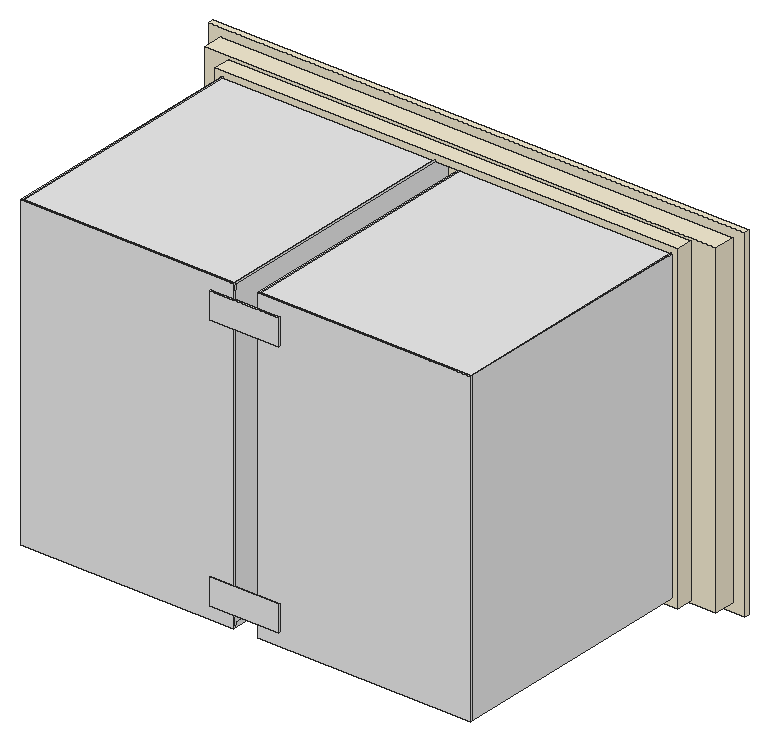
Revit family "Mailboxes_4C-Salsbury_Industries-Front_Load-5_Door_High_Units", category Specialty Equipment, host Wall, Revit 2016 (continued)
Definition of nested family "3700 Series 4C OM2 Configuration"
  Forms (in)
    Extrusion 4, solid, material <- "Lock Material", visible <- "Access Lock"
      sketch origin (0, 0.12695, 0) x (0, 0, -1) y (-1, 0, 0)
        loop
          circle (-1.61523, 4.3275) r 0.42913
      from 0 to -0.25391
    Extrusion 5, void, detail levels fine
      sketch origin (0, 0.12695, 3.4) x (-1, 0, 0) y (0, 0, 1)
        loop
          line (4.3568, -1.47517) -> (4.2982, -1.47517) -> (4.2982, -2.09436) -> (4.3568, -2.09436) -> (4.3568, -1.47517)
      from -0.12695 to -0.25391
    Blend 6, solid, material <- "Front Panel Material", detail levels medium+fine
      base sketch origin (0, -0.12695, 2.68123) x (-1, 0, 0) y (0, 0, 1)
        loop
          circle (5.7025, -0.40977) r 0.15665
      top sketch origin (0, -0.12695, 2.68123) x (-1, 0, 0) y (0, 0, 1)
        loop
          circle (5.7025, -0.40977) r 0.3125
      from -0.11328 to 0
    Blend 7, solid, material <- "Front Panel Material", detail levels medium+fine
      base sketch origin (1.3125, -0.12695, 2.68123) x (-1, 0, 0) y (0, 0, 1)
        loop
          circle (4.202, -0.40977) r 0.15665
      top sketch origin (1.3125, -0.12695, 2.68123) x (-1, 0, 0) y (0, 0, 1)
        loop
          circle (4.202, -0.40977) r 0.3125
      from -0.11328 to 0
    Blend 8, solid, material <- "Front Panel Material", detail levels medium+fine
      base sketch origin (0, -0.12695, 1.36923) x (-1, 0, 0) y (0, 0, 1)
        loop
          circle (5.7025, -0.40977) r 0.15665
      top sketch origin (0, -0.12695, 1.36923) x (-1, 0, 0) y (0, 0, 1)
        loop
          circle (5.7025, -0.40977) r 0.3125
      from -0.11328 to 0
    Blend 9, solid, material <- "Front Panel Material", detail levels medium+fine
      base sketch origin (1.3125, -0.12695, 1.36923) x (-1, 0, 0) y (0, 0, 1)
        loop
          circle (4.202, -0.40977) r 0.15665
      top sketch origin (1.3125, -0.12695, 1.36923) x (-1, 0, 0) y (0, 0, 1)
        loop
          circle (4.202, -0.40977) r 0.3125
      from -0.11328 to 0
    Blend 10, solid, material <- "Front Panel Material", detail levels medium+fine
      base sketch origin (9.8895, -0.12695, 2.68123) x (-1, 0, 0) y (0, 0, 1)
        loop
          circle (4.202, -0.40977) r 0.15665
      top sketch origin (9.8895, -0.12695, 2.68123) x (-1, 0, 0) y (0, 0, 1)
        loop
          circle (4.202, -0.40977) r 0.3125
      from -0.11328 to 0
    Blend 11, solid, material <- "Front Panel Material", detail levels medium+fine
      base sketch origin (9.8895, -0.12695, 1.36923) x (-1, 0, 0) y (0, 0, 1)
        loop
          circle (4.202, -0.40977) r 0.15665
      top sketch origin (9.8895, -0.12695, 1.36923) x (-1, 0, 0) y (0, 0, 1)
        loop
          circle (4.202, -0.40977) r 0.3125
      from -0.11328 to 0
    Extrusion 12, solid, material <- "Lock Material"
      sketch origin (0, -0.12695, 0) x (-1, 0, 0) y (0, 0, 1)
        loop
          line (1.96028, 2.61547) -> (-1.64128, 2.61547)
          arc (-1.64128, 2.61547) -> (-1.78215, 2.55712) -> (-1.8405, 2.41625) r 0.19922
          line (-1.8405, 2.41625) -> (-1.8405, 0.81469)
          arc (-1.8405, 0.81469) -> (-1.78215, 0.67382) -> (-1.64128, 0.61547) r 0.19922
          line (-1.64128, 0.61547) -> (1.96028, 0.61547)
          arc (1.96028, 0.61547) -> (2.10115, 0.67382) -> (2.1595, 0.81469) r 0.19922
          line (2.1595, 0.81469) -> (2.1595, 2.41625)
          arc (2.1595, 2.41625) -> (2.10115, 2.55712) -> (1.96028, 2.61547) r 0.19922
      from 0 to -0.03906
    Extrusion 13, solid, material <- "Front Panel Material"
      sketch origin (-2.13946, 0, 3.50047) x (-1, 0, 0) y (0, -1, 0)
        loop
          line (4.54804, -0.12695) -> (4.54804, 0.31995) -> (-8.82696, 0.31995) -> (-8.82696, -0.12695) -> (4.54804, -0.12695)
      from 0 to 3.0094
    Extrusion 14, void
      sketch origin (0, -0.31995, 0) x (0, 0, -1) y (-1, 0, 0)
        loop
          arc (-5.67087, 5.0005) -> (-6.04587, 5.3755) -> (-6.42087, 5.0005) r 0.375
          line (-6.42087, 5.0005) -> (-6.42087, -5.0005)
          arc (-6.42087, -5.0005) -> (-6.04587, -5.3755) -> (-5.67087, -5.0005) r 0.375
          line (-5.67087, -5.0005) -> (-5.67087, 5.0005)
      from 0 to 0.44691
    Extrusion 15, solid, material <- "Front Panel Material"
      sketch origin (0, 0, 0) x (0, 1, 0) y (0, 0, 1)
        loop
          line (0.12695, 6.50987) -> (0.12695, 7.00047) -> (-0.46995, 7.00047) -> (-0.75605, 6.83078) -> (-0.73973, 6.80251) -> (-1.27431, 6.49388) -> (-1.29063, 6.52214) -> (-1.61027, 6.3376)
          arc (-1.61027, 6.3376) -> (-1.63087, 6.31111) -> (-1.62714, 6.27777) r 0.04454
          line (-1.62714, 6.27777) -> (-1.5282, 6.17883)
          arc (-1.5282, 6.17883) -> (-1.4937, 6.16211) -> (-1.4558, 6.15637) r 0.12791
          line (-1.4558, 6.15637) -> (-1.10623, 6.15637) -> (-0.49395, 6.50987) -> (0.12695, 6.50987)
      from -6.6875 to 6.6875
  Cuts and joins
    Extrusion 3 cuts Extrusion 1
    Extrusion 5 cuts Extrusion 4
    Extrusion 14 cuts Extrusion 13
  Lines and regions (in)
    symbolic lines
      curve 1: circle (-5.7025, -0.12695, 2.27147) r 0.3125 normal (0, 1, 0)
      curve 2: circle (-5.7025, -0.12695, 0.95947) r 0.3125 normal (0, 1, 0)
      curve 3: circle (-2.8895, -0.12695, 0.95947) r 0.3125 normal (0, 1, 0)
      curve 4: circle (-2.8895, -0.12695, 2.27147) r 0.3125 normal (0, 1, 0)
      curve 5: circle (-4.3275, -0.12695, 1.61523) r 0.42913 normal (0, 1, 0)
      curve 6: circle (5.6875, -0.12695, 0.95947) r 0.3125 normal (0, 1, 0)
      curve 7: circle (5.6875, -0.12695, 2.27147) r 0.3125 normal (0, 1, 0)
      curve 8: arc (-2.1595, -0.12695, 2.41625) -> (-2.10115, -0.12695, 2.55712) -> (-1.96028, -0.12695, 2.61547) r 0.19922
      curve 9: arc (1.8405, -0.12695, 2.41625) -> (1.78215, -0.12695, 2.55712) -> (1.64128, -0.12695, 2.61547) r 0.19922
      curve 10: arc (1.8405, -0.12695, 0.81469) -> (1.78215, -0.12695, 0.67382) -> (1.64128, -0.12695, 0.61547) r 0.19922
      curve 11: arc (-1.96028, -0.12695, 0.61547) -> (-2.10115, -0.12695, 0.67382) -> (-2.1595, -0.12695, 0.81469) r 0.19922
      curve 12: line (-2.1595, -0.12695, 0.81469) -> (-2.1595, -0.12695, 2.41625)
      curve 13: line (-1.96028, -0.12695, 2.61547) -> (1.64128, -0.12695, 2.61547)
      curve 14: line (1.8405, -0.12695, 2.41625) -> (1.8405, -0.12695, 0.81469)
      curve 15: line (1.64128, -0.12695, 0.61547) -> (-1.96028, -0.12695, 0.61547)
  Dimensions and locks (in)
    equal spacing: plane 6 "Back Face of Door", plane 1 "Center (Front/Back)", plane 7 "Front Face of Door"
    "Door Depth": plane 6 "Back Face of Door" to plane 7 "Front Face of Door"
    equal spacing: plane 4 "Left Side Face of Door", plane 3 "Center (Left/Right)", plane 5 "Right Side Face of Door"
    "Door Width": plane 4 "Left Side Face of Door" to plane 5 "Right Side Face of Door"
    plane 8 to level = 3.23047"
    equal spacing: plane 8, plane 9, level
    locked: plane 7 "Front Face of Door" to plane 10 at 0.343
    "Center Lock-Vertical": plane 4 "Left Side Face of Door" to plane 11 "Center Lock Vertical"
    "Center Lock-Horizontal": plane 8 to plane 12 "Center Lock Horizontal"
    locked: plane 14 "Divider Height Align" to plane 8 at 0.27
    plane 4 "Left Side Face of Door" to plane 16 "Left Stud Align" to plane 17 "Right Stud Align" = 0.985", 2.813"
    plane 8 to plane 18 "Top Stud Align" to plane 19 "Bottom Stud Align" = 0.959", 1.312"
    plane 20 "Hinge Stud Align" to plane 5 "Right Side Face of Door" = 1.000"
    plane 8 to plane 21 "Mail Plate Top" to plane 22 "Mail Plate Bottom" = 0.615", 2.000"
    plane 4 "Left Side Face of Door" to plane 23 to plane 24 = 4.528", 4.000"
    plane 27 "Top of Mail Drop Divider" to plane 26 "Top of Mail Drop Door" to plane 14 "Divider Height Align" = 0.26953" locked, 3.23047"
    "Door Height": plane 27 "Top of Mail Drop Divider" to level
    plane 28 "Face of Mail Drop" to plane 10 = 0.150"
    locked: plane 27 "Top of Mail Drop Divider" to plane 29 "Top of Mail Slot" at 0.5796
    locked: plane 29 "Top of Mail Slot" to plane 30 "Bottom of Mail Slot" at 0.75
    locked: plane 4 "Left Side Face of Door" to plane 31 "Left Edge of Mail Slot" at 1.312
    locked: plane 32 "Right Edge of Mail Slot" to plane 5 "Right Side Face of Door" at 1.312
    locked: plane 33 "Mail Slot Bottom Protusion" to plane 29 "Top of Mail Slot" at 0.089
    plane 28 "Face of Mail Drop" to plane 34 = 0.174"
    plane 33 "Mail Slot Bottom Protusion" to plane 35 = 0.3535"
    plane 28 "Face of Mail Drop" to plane 36 "Front of Awning" = 1.315"
    plane 4 "Left Side Face of Door" to plane 5 "Right Side Face of Door" = 13.375"
    plane 6 "Back Face of Door" to plane 36 "Front of Awning" = 1.76191"
    "Access Lock Offset": plane 39 "Access Lock Offset" to plane 6 "Back Face of Door"
    aligned and locked: level to plane 2 "Bottom of Door"
    aligned and locked: plane 4 "Left Side Face of Door" to Extrusion 1
    aligned and locked: plane 6 "Back Face of Door" to Extrusion 1
    aligned and locked: plane 7 "Front Face of Door" to Extrusion 1
    aligned and locked: Extrusion 1 to level
    aligned and locked: plane 8 to Extrusion 1
    aligned and locked: Extrusion 2 sketch curve to plane 4 "Left Side Face of Door"
    aligned and locked: Extrusion 2 sketch curve to plane 6 "Back Face of Door"
    aligned and locked: plane 5 "Right Side Face of Door" to Extrusion 2 sketch curve
    aligned and locked: Extrusion 2 to plane 8
    aligned and locked: plane 10 to Extrusion 2 sketch curve
    aligned and locked: plane 14 "Divider Height Align" to Extrusion 2
    aligned and locked: plane 4 "Left Side Face of Door" to Extrusion 2
    aligned and locked: Extrusion 2 to plane 5 "Right Side Face of Door"
    aligned and locked: Extrusion 13 to plane 28 "Face of Mail Drop"
    aligned and locked: plane 29 "Top of Mail Slot" to Extrusion 14 sketch curve
    aligned and locked: cut or joined group of Extrusion 13, Extrusion 14 to cut or joined group of Extrusion 13, Extrusion 14
    aligned and locked: cut or joined group of Extrusion 1, Extrusion 3 to plane 2 "Bottom of Door"
  Automatic sketch dimensions
    Extrusion 1 sketch curve to plane 4 "Left Side Face of Door" = 0.000"
    Extrusion 1 sketch curve to plane 6 "Back Face of Door" = 0.000"
    Extrusion 1 sketch curve to plane 7 "Front Face of Door" = 0.000"
    Extrusion 1 sketch curve to plane 5 "Right Side Face of Door" = 0.000"
    Extrusion 1 sketch curve to plane 4 "Left Side Face of Door" = 0.252"
    Extrusion 1 sketch curve to plane 20 "Hinge Stud Align" = 0.36875"
    Extrusion 1 sketch curve to plane 25 "Face of Mail Plate" = 0.07029"
    plane 5 "Right Side Face of Door" to Extrusion 1 sketch curve = 0.195"
    Extrusion 1 sketch curve to plane 25 "Face of Mail Plate" = 0.10562"
    Extrusion 1 sketch curve to plane 13 "Face of Lock" = 0.07658"
    plane 1 "Center (Front/Back)" to Extrusion 1 sketch curve = 0.05445"
    Extrusion 1 sketch curve to plane 13 "Face of Lock" = 0.12063"
    Extrusion 5 sketch curve to plane 11 "Center Lock Vertical" = 0.0293"
    plane 11 "Center Lock Vertical" to Extrusion 5 sketch curve = 0.0293"
    Extrusion 5 sketch curve to plane 9 = 0.30959"
    plane 9 to Extrusion 5 sketch curve = 0.30959"
    plane 16 "Left Stud Align" to Blend 6 sketch curve = 0.000"  (x2)
    Blend 6 sketch curve to plane 18 "Top Stud Align" = 0.000"  (x2)
    plane 17 "Right Stud Align" to Blend 7 sketch curve = 0.000"  (x2)
    Blend 7 sketch curve to plane 18 "Top Stud Align" = 0.000"  (x2)
    plane 16 "Left Stud Align" to Blend 8 sketch curve = 0.000"  (x2)
    Blend 8 sketch curve to plane 19 "Bottom Stud Align" = 0.000"  (x2)
    plane 17 "Right Stud Align" to Blend 9 sketch curve = 0.000"  (x2)
    Blend 9 sketch curve to plane 19 "Bottom Stud Align" = 0.000"  (x2)
    Blend 10 sketch curve to plane 18 "Top Stud Align" = 0.000"  (x2)
    plane 20 "Hinge Stud Align" to Blend 10 sketch curve = 0.000"  (x2)
    Blend 11 sketch curve to plane 19 "Bottom Stud Align" = 0.000"  (x2)
    plane 20 "Hinge Stud Align" to Blend 11 sketch curve = 0.000"  (x2)
    plane 24 to Extrusion 12 sketch curve = 0.000"
    Extrusion 12 sketch curve to plane 22 "Mail Plate Bottom" = 0.000"
    Extrusion 12 sketch curve to plane 21 "Mail Plate Top" = 0.000"
    plane 23 to Extrusion 12 sketch curve = 0.000"
    plane 24 to Extrusion 12 sketch curve = 0.19922"  (x2)
    plane 18 "Top Stud Align" to Extrusion 12 sketch curve = 0.14478"
    Extrusion 12 sketch curve to plane 23 = 0.19922"
    Extrusion 13 sketch curve to plane 5 "Right Side Face of Door" = 0.000"
    Extrusion 13 sketch curve to plane 4 "Left Side Face of Door" = 0.000"
    Extrusion 13 sketch curve to plane 6 "Back Face of Door" = 0.000"
    Extrusion 13 sketch curve to plane 7 "Front Face of Door" = 0.193"
    Extrusion 14 sketch curve to plane 30 "Bottom of Mail Slot" = 0.000"
    plane 32 "Right Edge of Mail Slot" to Extrusion 14 sketch curve = 0.375"
    Extrusion 14 sketch curve to plane 31 "Left Edge of Mail Slot" = 0.375"
    Extrusion 15 sketch curve to plane 35 = 0.000"
    Extrusion 15 sketch curve to plane 33 "Mail Slot Bottom Protusion" = 0.000"
    Extrusion 15 sketch curve to plane 34 = 0.000"
    Extrusion 15 sketch curve to plane 27 "Top of Mail Drop Divider" = 0.000"
    Extrusion 15 sketch curve to plane 6 "Back Face of Door" = 0.000"
    plane 26 "Top of Mail Drop Door" to Extrusion 15 sketch curve = 0.07158"
    Extrusion 15 sketch curve to plane 34 = 0.24578"
    plane 26 "Top of Mail Drop Door" to Extrusion 15 sketch curve = 0.09984"
    Extrusion 15 sketch curve to Extrusion 15 sketch curve = 0.01632"
    plane 37 to Extrusion 15 sketch curve = 0.05062"
    Extrusion 15 sketch curve to plane 33 "Mail Slot Bottom Protusion" = 0.01599"
    plane 33 "Mail Slot Bottom Protusion" to Extrusion 15 sketch curve = 0.01227"
    plane 36 "Front of Awning" to Extrusion 15 sketch curve = 0.17915"
    plane 35 to Extrusion 15 sketch curve = 0.02246"
    Extrusion 15 sketch curve to Extrusion 15 sketch curve = 0.0724"
    plane 36 "Front of Awning" to Extrusion 15 sketch curve = 0.04696"
    plane 36 "Front of Awning" to Extrusion 15 sketch curve = 0.02469"
    plane 36 "Front of Awning" to Extrusion 15 sketch curve = 0.00781"
    Extrusion 15 sketch curve to Extrusion 15 sketch curve = 0.05983"
    Extrusion 4 sketch curve to plane 9 = 0.000"
    plane 11 "Center Lock Vertical" to Extrusion 4 sketch curve = 0.000"
    Extrusion 3 sketch curve to plane 9 = 0.000"
    plane 11 "Center Lock Vertical" to Extrusion 3 sketch curve = 0.000"
    curve 6 to plane 19 "Bottom Stud Align" = 0.000"
    plane 20 "Hinge Stud Align" to curve 6 = 0.000"
    curve 7 to plane 18 "Top Stud Align" = 0.000"
    plane 20 "Hinge Stud Align" to curve 7 = 0.000"
    plane 24 to curve 14 = 0.000"
    curve 9 to plane 21 "Mail Plate Top" = 0.000"
    curve 11 to plane 22 "Mail Plate Bottom" = 0.000"
    plane 23 to curve 12 = 0.000"
    plane 17 "Right Stud Align" to curve 4 = 0.000"
    plane 17 "Right Stud Align" to curve 3 = 0.000"
    curve 5 to plane 9 = 0.000"
    plane 11 "Center Lock Vertical" to curve 5 = 0.000"
    plane 16 "Left Stud Align" to curve 1 = 0.000"
    plane 16 "Left Stud Align" to curve 2 = 0.000"
    curve 2 to plane 19 "Bottom Stud Align" = 0.000"
    curve 3 to plane 19 "Bottom Stud Align" = 0.000"
    curve 1 to plane 18 "Top Stud Align" = 0.000"
    curve 4 to plane 18 "Top Stud Align" = 0.000"
    plane 18 "Top Stud Align" to curve 9 = 0.14478"
    curve 10 to plane 19 "Bottom Stud Align" = 0.14478"
    plane 18 "Top Stud Align" to curve 8 = 0.14478"
    curve 11 to plane 19 "Bottom Stud Align" = 0.14478"
    radius of Blend 6 sketch curve = 0.15665"
    radius of Blend 6 sketch curve = 0.3125"
    radius of Blend 7 sketch curve = 0.15665"
    radius of Blend 7 sketch curve = 0.3125"
    radius of Blend 8 sketch curve = 0.15665"
    radius of Blend 8 sketch curve = 0.3125"
    radius of Blend 9 sketch curve = 0.15665"
    radius of Blend 9 sketch curve = 0.3125"
    radius of Blend 10 sketch curve = 0.15665"
    radius of Blend 10 sketch curve = 0.3125"
    radius of Blend 11 sketch curve = 0.15665"
    radius of Blend 11 sketch curve = 0.3125"
    radius of Extrusion 4 sketch curve = 0.42913"
    radius of Extrusion 3 sketch curve = 0.4375"
    radius of curve 1 = 0.3125"
    radius of curve 2 = 0.3125"
    radius of curve 3 = 0.3125"
    radius of curve 4 = 0.3125"
    radius of curve 5 = 0.42913"
    radius of curve 6 = 0.3125"
    radius of curve 7 = 0.3125"
Types (7): name | Width | Model | Door Slot R5 Number | Door Slot R5 | Door Slot R4 Number | Door Slot R4 | Door Slot R3 | Door Slot R2 | Door Slot R1 Number | Door Slot R1 | Door Slot L5 Number | Door Slot L5 | Door Slot L4 Number | Door Slot L4 | Door Slot L3 Number | Door Slot L3 | Door Slot L2 Number | Door Slot L2 | Door Slot L1 Number | Door Slot L1 | Description
  3705D-08 FL | 31.09766" | "3705D-08 FL" | "8" | 3700 Series 4C Door Configurations : MB1 Door w/ Divider | "7" | 3700 Series 4C Door Configurations : MB1 Door w/ Divider | 3700 Series 4C OM2 Configuration : OM2-FL | 3700 Series 4C Door Configurations : Empty | "6" | 3700 Series 4C Door Configurations : MB1 Door | "5" | 3700 Series 4C Door Configurations : MB1 Door w/ Divider | "4" | 3700 Series 4C Door Configurations : MB1 Door w/ Divider | "3" | 3700 Series 4C Door Configurations : MB1 Door w/ Divider | "2" | 3700 Series 4C Door Configurations : MB1 Door w/ Divider | "1" | 3700 Series 4C Door Configurations : MB1 Door | "5 Door High Unit:  8 MB1, OM2"
  3705S-03 FL | 16.344" | "3705S-03 FL" | "3" | 3700 Series 4C Door Configurations : MB1 Door w/ Divider | "2" | 3700 Series 4C Door Configurations : MB1 Door w/ Divider | 3700 Series 4C OM2 Configuration : OM2-FL | 3700 Series 4C Door Configurations : Empty | "1" | 3700 Series 4C Door Configurations : MB1 Door | "0" | 3700 Series 4C Door Configurations : Empty | "0" | 3700 Series 4C Door Configurations : Empty | "0" | 3700 Series 4C Door Configurations : Empty | "0" | 3700 Series 4C Door Configurations : Empty | "0" | 3700 Series 4C Door Configurations : Empty | "5 Door High Unit:  3 MB1, OM2"
  3705D-07 FL | 31.09766" | "3705D-07 FL" | "7" | 3700 Series 4C Door Configurations : MB1 Door w/ Divider | "0" | 3700 Series 4C OM3 Configuration : OM3-FL | 3700 Series 4C Door Configurations : Empty | 3700 Series 4C Door Configurations : Empty | "6" | 3700 Series 4C Door Configurations : MB1 Door | "5" | 3700 Series 4C Door Configurations : MB1 Door w/ Divider | "4" | 3700 Series 4C Door Configurations : MB1 Door w/ Divider | "3" | 3700 Series 4C Door Configurations : MB1 Door w/ Divider | "2" | 3700 Series 4C Door Configurations : MB1 Door w/ Divider | "1" | 3700 Series 4C Door Configurations : MB1 Door | "5 Door High Unit:  7 MB1, OM3"
  3705D-03 FL | 31.09766" | "3705D-03 FL" | "3" | 3700 Series 4C Door Configurations : MB1 Door w/ Divider | "2" | 3700 Series 4C Door Configurations : MB1 Door w/ Divider | 3700 Series 4C OM2 Configuration : OM2-FL | 3700 Series 4C Door Configurations : Empty | "1" | 3700 Series 4C Door Configurations : MB1 Door | "1P" | 3700 Series 4C Parcel Configurations : PL5 | "0" | 3700 Series 4C Door Configurations : Empty | "0" | 3700 Series 4C Door Configurations : Empty | "0" | 3700 Series 4C Door Configurations : Empty | "0" | 3700 Series 4C Door Configurations : Empty | "5 Door High Unit:  3 MB1, 1 PL5, OM2"
  3705D-01 FL | 31.09766" | "3705D-01 FL" | "1" | 3700 Series 4C Door Configurations : MB3 Door w/ Divider | "0" | 3700 Series 4C Door Configurations : Empty | 3700 Series 4C Door Configurations : Empty | 3700 Series 4C OM2 Configuration : OM2-FL | "0" | 3700 Series 4C Door Configurations : Empty | "1P" | 3700 Series 4C Parcel Configurations : PL5 | "0" | 3700 Series 4C Door Configurations : Empty | "0" | 3700 Series 4C Door Configurations : Empty | "0" | 3700 Series 4C Door Configurations : Empty | "0" | 3700 Series 4C Door Configurations : Empty | "5 Door High Unit:  1 MB3, 1 PL5, OM2"
  3705D-2P FL | 31.09766" | "3705D-2P FL" | "2P" | 3700 Series 4C Parcel Configurations : PL5 | "0" | 3700 Series 4C Door Configurations : Empty | 3700 Series 4C Door Configurations : Empty | 3700 Series 4C Door Configurations : Empty | "0" | 3700 Series 4C Door Configurations : Empty | "1P" | 3700 Series 4C Parcel Configurations : PL5 | "0" | 3700 Series 4C Door Configurations : Empty | "0" | 3700 Series 4C Door Configurations : Empty | "0" | 3700 Series 4C Door Configurations : Empty | "0" | 3700 Series 4C Door Configurations : Empty | "5 Door High Unit:  2 PL5"
  3705S-1P FL | 16.344" | "3705S-1P FL" | "1P" | 3700 Series 4C Parcel Configurations : PL5 | "0" | 3700 Series 4C Door Configurations : Empty | 3700 Series 4C Door Configurations : Empty | 3700 Series 4C Door Configurations : Empty | "0" | 3700 Series 4C Door Configurations : Empty | "0" | 3700 Series 4C Door Configurations : Empty | "0" | 3700 Series 4C Door Configurations : Empty | "0" | 3700 Series 4C Door Configurations : Empty | "0" | 3700 Series 4C Door Configurations : Empty | "0" | 3700 Series 4C Door Configurations : Empty | "5 Door High Unit:  1 PL5"
